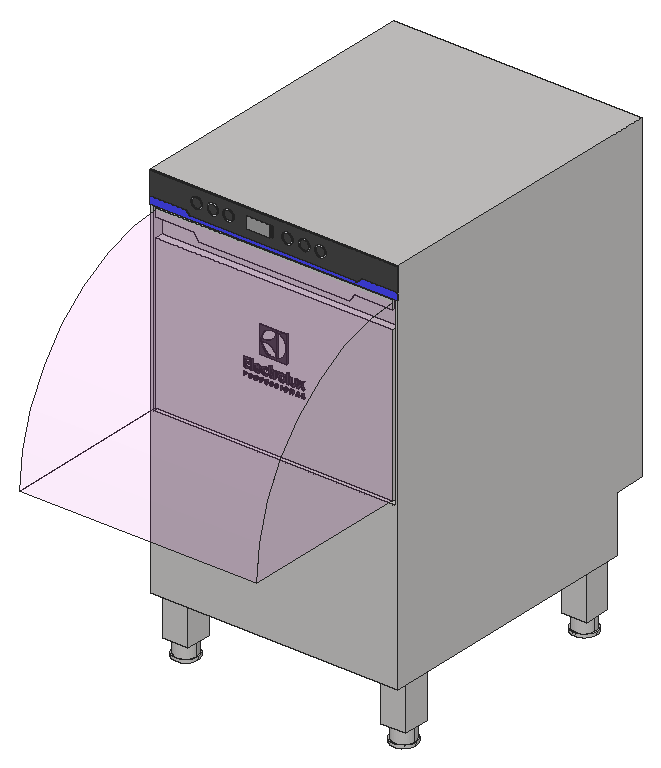
Revit family "QF_ELECTROLUXPROFESSIONAL_402319_ESICGBMS", category Attrezzature speciali, Revit 2020
Family settings
  Quota connettore circolare = Usa diametro
  Tipo di parte = Normale
  Basato su piano di lavoro = No
  Sempre verticale = Sì
  Taglio con vuoti quando caricato = No
  Condiviso = No
  Punto di calcolo locali = No
Parameters (values of type "Standard")
  Weight = 37.00 kg
  Watts = 3300 W
  Volts = 220 V
  URL Manufacturer = "https://www.electroluxprofessional.com/"
  URL = "https://www.electroluxprofessional.com/"
  Steam Supply Size = 0 mm
  Steam Supply Minimum Pressure = 0.0 Pa
  Steam Supply Maximum Pressure = 0.0 Pa
  Steam Consumption per Hour = 0
  Show Logo [instance] = yes
  Show Clearance [instance] = yes
  Refrigeration Suction Line Size = 0 mm
  Refrigeration Liquid Line Size = 0 mm
  Refrigerant Compressor Remote = yes
  Prospetto di default = 0 mm
  Produttore = "Electrolux Professional"
  Phase = 1
  Modello = "ESICGBMS"
  Length Actual = 460 mm  # constant formula
  Item Number = "402319"
  Hot Water Size = 0 mm
  Height Actual = 820 mm  # constant formula
  HP = "4.4 HP"
  Gas Size = 0 mm
  Gas KW = 0
  Gas Input Pressure = 0 W
  Direct Waste Size = 27 mm
  Descrizione = "GW(S)+MULTIRA.SUPP.-COLD R-RINSE BOOSTER PUMP-DR.PUMP-DET.DISP-AUS"
  Depth Actual = 565 mm  # constant formula
  Cycle = 50 Hz
  Condensate Return Size = 0 mm
  Compressed Air Volume = 0.0 L/s
  Compressed Air Size = 0 mm
  Compressed Air Pressure = 0.0 Pa
  Cold Water Size = 19.05 mm
  Accessory = yes
Reference planes
  plane 1: z = 0
  plane 2 "Center (Left/Right)": x = 0
  plane 3 "LEFT": x = -230
  plane 4: x = 230
  plane 5: y = -282.5
  plane 6 "BACK": y = 282.5
  plane 7: x = -202.5
  plane 8: x = 202.5
  plane 9: z = 820
  plane 10: z = 115
Forms (mm)
  Extrusion 1, solid, material "QF_Finishes_Stainless Steel"
    sketch origin (0, 0, 0) x (1, 0, 0) y (0, 1, 0)
      loop
        line (-230, -282.5) -> (230, -282.5) -> (230, 224.967) -> (-230, 224.967) -> (-230, -282.5)
    from 115 to 820
  Extrusion 2, solid, material "QF_Finishes_Stainless Steel"
    sketch origin (0, 0, 0) x (1, 0, 0) y (0, 1, 0)
      loop
        line (-230, 224.967) -> (230, 224.967) -> (230, 282.5) -> (-230, 282.5) -> (-230, 224.967)
    from 220.672 to 820
  Extrusion 3, void
    sketch origin (-230, -282.5, 0) x (-1, 0, 0) y (0, 0, 1)
      loop
        line (-5, 763.217) -> (-455, 763.217) -> (-455, 420) -> (-5, 420) -> (-5, 763.217)
    from 0 to 30
  Extrusion 4, solid, material "QF_Finishes_Stainless Steel"
    sketch origin (-230, -282.5, 0) x (0, 1, 0) y (0, 0, -1)
      loop
        line (0, -425.786) -> (0, -710) -> (15, -710) -> (15, -760) -> (25, -760) -> (25, -425.786) -> (0, -425.786)
    from -10 to -450
  Extrusion 5, solid, material "QF_Finishes_Stainless Steel"
    sketch origin (-230, -282.5, 0) x (0, 1, 0) y (0, 0, -1)
      loop
        line (15, -760) -> (15, -757.514) -> (2.5, -757.514) -> (2.5, -731.25) -> (0, -731.25) -> (0, -760) -> (15, -760)
    from -10 to -450
  Extrusion 6, void
    sketch origin (-230, -282.5, 760) x (0, 0, 1) y (1, 0, 0)
      loop
        line (-28.75, 89.161) -> (-28.75, 10) -> (-15.552, 10) -> (-15.552, 79.92) -> (-28.75, 89.161)
      loop
        line (-28.75, 370.839) -> (-15.552, 380.08) -> (-15.552, 450) -> (-28.75, 450) -> (-28.75, 370.839)
    from 0 to 2.5
  Revolve 7, solid, material "QF_Finishes_Door Clearance", visible <- "Show Clearance"
    sketch origin (0, -266.25, 0) x (-1, 0, 0) y (0, 0, 1)
      loop
        line (-220, 425.786) -> (220, 425.786) -> (220, 757.514) -> (-220, 757.514) -> (-220, 425.786)
      axis (-220, 425.786) -> (220, 425.786)
    angle from 0 to 90
  Extrusion 8, solid, material "QF_Finishes_Stainless Steel"
    sketch origin (282.404, 226.967, 332.714) x (1, 0, 0) y (0, 0, 1)
      loop
        line (-392.404, -132.714) -> (-392.404, -152.714) -> (-372.404, -152.714) -> (-372.404, -132.714) -> (-392.404, -132.714)
    from 0 to 2
  Extrusion 9, solid, material "QF_Finishes_Stainless Steel"
    sketch origin (532.814, 229.967, 300.692) x (1, 0, 0) y (0, 0, 1)
      loop
        circle (-372.814, -140.692) r 8
    from 0 to 5
  Extrusion 10, solid, material "QF_Finishes_Stainless Steel"
    sketch origin (200.404, 226.967, 267.714) x (1, 0, 0) y (0, 0, 1)
      loop
        line (-392.404, -132.714) -> (-392.404, -152.714) -> (-372.404, -152.714) -> (-372.404, -132.714) -> (-392.404, -132.714)
    from 0 to 2
  Extrusion 11, solid, material "QF_Finishes_Stainless Steel"
    sketch origin (452.814, 229.967, 330.692) x (1, 0, 0) y (0, 0, 1)
      loop
        circle (-372.814, -140.692) r 8
    from 0 to 5
Cuts and joins
  Extrusion 3 cuts Extrusion 1
  joined: Extrusion 1, Extrusion 2
  Extrusion 6 cuts Extrusion 4
  Extrusion 6 cuts Extrusion 5
Dimensions and locks
  equal spacing: plane 3 "LEFT", plane 2 "Center (Left/Right)", plane 4
  plane 6 "BACK" to plane 5 = 565 mm  (x3)
  plane 3 "LEFT" to plane 4 = 460 mm
  plane 3 "LEFT" to plane 7 = 27.5 mm
  plane 8 to plane 4 = 27.5 mm
  plane 10 to level = 115 mm
  plane 9 to level = 820 mm  (x3)
  plane 7 to plane 8 = 405 mm
  plane 8 to plane 7 = 405 mm
  plane 9 to plane 10 = 705 mm
  plane 4 to plane 3 "LEFT" = 460 mm
  nested 1 to plane 5 = 47 mm
  plane 6 "BACK" to Revolve 7 = 880.478 mm
  aligned and locked: level to plane 1
  aligned and locked: Extrusion 1 sketch curve to plane 5
  aligned and locked: Extrusion 1 sketch curve to plane 3 "LEFT"
  aligned and locked: plane 4 to Extrusion 1 sketch curve
  aligned and locked: Extrusion 1 to plane 10
  aligned and locked: Extrusion 2 sketch curve to Extrusion 1  (x2)
  aligned and locked: plane 6 "BACK" to Extrusion 2 sketch curve
  aligned and locked: plane 4 to Extrusion 2 sketch curve
  aligned and locked: cut or joined group of Extrusion 5, Extrusion 6 to Extrusion 6
  aligned and locked: plane 9 to Extrusion 2
Automatic sketch dimensions
  Extrusion 1 sketch curve to plane 6 "BACK" = 57.533 mm
  Extrusion 3 sketch curve to Extrusion 1 = 5 mm  (x2)
  Extrusion 3 sketch curve to Extrusion 1 = 305 mm
  Extrusion 3 sketch curve to Extrusion 1 = 56.783 mm
  Extrusion 4 sketch curve to plane 5 = 0 mm
  plane 5 to Extrusion 4 sketch curve = 15 mm
  Extrusion 4 sketch curve to Extrusion 4 sketch curve = 25 mm
  Extrusion 4 sketch curve to plane 9 = 60 mm
  Extrusion 4 sketch curve to Extrusion 4 sketch curve = 50 mm
  Extrusion 4 sketch curve to Extrusion 4 sketch curve = 284.214 mm
  Extrusion 5 sketch curve to plane 5 = 0 mm
  Extrusion 5 sketch curve to Extrusion 5 sketch curve = 2.5 mm
  Extrusion 5 sketch curve to Extrusion 5 sketch curve = 12.5 mm
  Extrusion 5 sketch curve to plane 9 = 60 mm
  Extrusion 5 sketch curve to Extrusion 5 sketch curve = 2.486 mm
  Extrusion 5 sketch curve to Extrusion 5 sketch curve = 26.264 mm
  Extrusion 6 sketch curve to Extrusion 5 = 0 mm  (x3)
  Extrusion 5 to Extrusion 6 sketch curve = 0 mm
  Extrusion 6 sketch curve to Extrusion 5 = 13.198 mm  (x2)
  Extrusion 6 sketch curve to Extrusion 5 = 69.92 mm
  Extrusion 6 sketch curve to Extrusion 6 sketch curve = 9.241 mm  (x2)
  Extrusion 6 sketch curve to Extrusion 6 sketch curve = 79.161 mm
  Revolve 7 sketch curve to plane 4 = 10 mm
  plane 3 "LEFT" to Revolve 7 sketch curve = 10 mm
  plane 10 to Revolve 7 sketch curve = 310.786 mm
  Revolve 7 sketch curve to plane 9 = 62.486 mm
  Revolve 7 sketch curve to Revolve 7 sketch curve = 0 mm  (x2)
  Revolve 7 sketch curve to plane 3 "LEFT" = 115 mm
  plane 7 to Extrusion 8 sketch curve = 92.5 mm
  Extrusion 8 sketch curve to Extrusion 8 sketch curve = 20 mm  (x2)
  plane 10 to Extrusion 8 sketch curve = 65 mm
  Extrusion 10 sketch curve to plane 10 = 0 mm
  plane 7 to Extrusion 10 sketch curve = 10.5 mm
  Extrusion 10 sketch curve to Extrusion 10 sketch curve = 20 mm
  plane 10 to Extrusion 10 sketch curve = 20 mm
  level to Extrusion 9 sketch curve = 160 mm
  Extrusion 9 sketch curve to plane 8 = 42.5 mm
  plane 3 "LEFT" to Extrusion 11 sketch curve = 310 mm
  level to Extrusion 11 sketch curve = 190 mm
  radius of Extrusion 9 sketch curve = 8 mm
  radius of Extrusion 11 sketch curve = 8 mm
Nested families
  nested 1: "Piedino_Square_115H" at (202.5, -235.5, 0), type "Piedino_Square_115H"
  nested 2: "Piedino_Square_115H" at (-202.5, -235.5, 0) x (-1, 0, 0) z (0, 0, 1), type "Piedino_Square_115H"
  nested 3: "Piedino_Square_115H" at (202.5, 184.5, 0), type "Piedino_Square_115H"
  nested 4: "Piedino_Square_115H" at (-202.5, 184.5, 0) x (-1, 0, 0) z (0, 0, 1), type "Piedino_Square_115H"
  nested 5: "ELX_LOGO_WORDS_MEDIUM" at (0, -282.5, 555) x (1, 0, 0) z (0, -1, 0), Show Logo <- "Show Logo", visible <- "Show Logo", type "ELX_LOGO_WORDS_MEDIUM"
    with Show Logo yes
  nested 6: "ELXP_LOGO_ONLY_MEDIUM" at (0, -282.5, 610) x (1, 0, 0) z (0, -1, 0), Show Logo <- "Show Logo", visible <- "Show Logo", type "ELXP_LOGO_ONLY_MEDIUM"
    with Show Logo yes
  nested 7: "Schermo grande_FLAT" at (0, -282.5, 790) x (1, 0, 0) z (0, -1, 0), type "Schermo grande_FLAT"
Connectors
  electrical at (-100, 226.967, 190)
    settings: on Extrusion 8, index 5, voltage 0 V, apparent load 0 VA, apparent load phase1 0 VA, apparent load phase2 0 VA, apparent load phase3 0 VA, power factor 1, load classification "Altro", number of poles 1, system type 30, power factor state 1, is connector primary yes, connector utility no, sub classification motor no, connector description "EI"
  piping at (160, 229.967, 160), diameter 12.7
    settings: on Extrusion 9, index 6, connector inside diameter 609.6 mm, connector length 0 mm, flow factor 0, pipe flow 0.0 L/s, pressure drop 0.0 Pa, fitting loss kfactor 0, connector angle 0.00°, fixture units 0, engagement length 0 mm, angle of deflection 0.00°, flow configuration 0, flow direction 0, fitting loss method 0, system type 29, joint type 0, gender type 0, connector reference index -1, connector utility 0, adjustable connector no, is connector primary yes, connector description "D"
  electrical at (-182, 226.967, 125)
    settings: on Extrusion 10, index 7, voltage 0 V, apparent load 0 VA, apparent load phase1 0 VA, apparent load phase2 0 VA, apparent load phase3 0 VA, power factor 1, load classification "Altro", number of poles 1, system type 30, power factor state 1, is connector primary no, connector utility no, sub classification motor no, connector description "EO"
  piping at (80, 229.967, 190), diameter 12.7
    settings: on Extrusion 11, index 8, connector inside diameter 609.6 mm, connector length 0 mm, flow factor 0, pipe flow 0.0 L/s, pressure drop 0.0 Pa, fitting loss kfactor 0, connector angle 0.00°, fixture units 0, engagement length 0 mm, angle of deflection 0.00°, flow configuration 0, flow direction 0, fitting loss method 0, system type 29, joint type 0, gender type 0, connector reference index -1, connector utility 0, adjustable connector no, is connector primary no, connector description "CWI"
Definition of nested family "Piedino_Square_115H"
  Parameters (values of type "Piedino_Square_115H")
    Default Elevation = 0 mm
  Reference planes
    plane 1 "Centro (Fronte/Retro)": y = 0
    plane 2: z = 0
    plane 3 "Centro (Sinistra/Destra)": x = 0
    plane 4: z = 115
  Forms (mm)
    Extrusion 1, solid
      sketch origin (0, 0, 0) x (1, 0, 0) y (0, 1, 0)
        loop
          circle (0, 0) r 23
      from 0 to 5
    Extrusion 2, solid
      sketch origin (0, 0, 5) x (1, 0, 0) y (0, 1, 0)
        loop
          circle (0, 0) r 20
      from 0 to 25.777
    Extrusion 3, solid
      sketch origin (0, 0, 30.777) x (1, 0, 0) y (0, 1, 0)
        loop
          line (-23.5, 23.5) -> (-23.5, -23.5) -> (23.5, -23.5) -> (23.5, 23.5) -> (-23.5, 23.5)
      from 0 to 84.223
  Dimensions and locks
    plane 4 to level = 115 mm  (x2)
    radius of Extrusion 1 sketch curve = 23 mm
    aligned and locked: level to plane 2
    aligned and locked: Extrusion 1 to level
Definition of nested family "ELX_LOGO_WORDS_MEDIUM"
  Parameters (values of type "ELX_LOGO_WORDS_MEDIUM")
    Show Logo [instance] = yes
    Default Elevation = 0 mm
  Reference planes
    plane 1 "Centro (Fronte/Retro)": y = 0
    plane 2: z = 0
    plane 3 "Centro (Sinistra/Destra)": x = 0
  Forms (mm)
    Extrusion 1, solid
      sketch origin (0, 0, 0) x (1, 0, 0) y (0, 1, 0)
        loop
          line (-1219.2, 1219.2) -> (-1219.2, -1219.2) -> (1219.2, -1219.2) -> (1219.2, 1219.2) -> (-1219.2, 1219.2)
      from 0 to -304.8
    Extrusion 2, solid, visible <- "Show Logo"
      sketch origin (0, 0, 0) x (1, 0, 0) y (0, 1, 0)
        loop
          line (-45.351, 15.842) -> (-56.505, 15.842) -> (-56.505, 2.853)
          arc (-56.505, 2.853) -> (-55.037, -0.691) -> (-51.493, -2.159) r 5.012
          line (-51.493, -2.159) -> (-45.135, -2.159) -> (-45.135, 0.755) -> (-50.767, 0.755)
          arc (-50.767, 0.755) -> (-52.618, 1.38) -> (-53.406, 3.168) r 2.423
          line (-53.406, 3.168) -> (-53.406, 5.743) -> (-45.833, 5.743) -> (-45.833, 8.668) -> (-53.406, 8.668) -> (-53.406, 12.925) -> (-45.351, 12.925) -> (-45.351, 15.842)
        loop
          line (-42.933, 15.842) -> (-42.933, -2.159) -> (-39.832, -2.159) -> (-39.832, 15.842) -> (-42.933, 15.842)
        loop
          line (24.405, 15.842) -> (24.405, -2.159) -> (27.508, -2.159) -> (27.508, 15.842) -> (24.405, 15.842)
        loop
          line (-34.705, 3.589) -> (-24.531, 3.589)
          arc (-24.531, 3.589) -> (-26.123, 9.178) -> (-31.565, 11.217) r 6.447
          arc (-31.565, 11.217) -> (-36.358, 8.786) -> (-37.726, 3.589) r 6.56
          arc (-37.726, 3.589) -> (-35.926, -0.757) -> (-31.58, -2.557) r 6.146
          arc (-31.58, -2.557) -> (-28.198, -2.058) -> (-25.362, -0.149) r 7.726
          line (-25.362, -0.149) -> (-27.199, 1.688)
          arc (-27.199, 1.688) -> (-29.61, 0.242) -> (-32.411, 0.485) r 4.558
          arc (-32.411, 0.485) -> (-34.119, 1.622) -> (-34.705, 3.589) r 3.019
        loop
          line (-34.628, 5.769) -> (-27.646, 5.769)
          arc (-27.646, 5.769) -> (-28.626, 7.83) -> (-30.779, 8.59) r 2.974
          arc (-30.779, 8.59) -> (-33.263, 7.943) -> (-34.628, 5.769) r 3.481
        loop
          line (-12.445, 7.067) -> (-10.499, 9.013)
          arc (-10.499, 9.013) -> (-12.94, 10.78) -> (-15.907, 11.309) r 6.746
          arc (-15.907, 11.309) -> (-20.432, 9.655) -> (-22.806, 5.463) r 6.977
          arc (-22.806, 5.463) -> (-18.803, -1.885) -> (-10.608, -0.191) r 7.026
          line (-10.608, -0.191) -> (-12.544, 1.745)
          arc (-12.544, 1.745) -> (-16.723, 0.362) -> (-19.717, 3.589) r 4.071
          arc (-19.717, 3.589) -> (-19.509, 6.14) -> (-17.752, 8.002) r 3.867
          arc (-17.752, 8.002) -> (-14.941, 8.431) -> (-12.445, 7.067) r 4.442
        loop
          line (-8.594, 15.842) -> (-8.594, 3.541)
          arc (-8.594, 3.541) -> (-8.326, 1.695) -> (-7.635, -0.038) r 7.951
          arc (-7.635, -0.038) -> (-5.422, -1.797) -> (-2.62, -2.167) r 5.297
          line (-2.62, -2.167) -> (-2.62, 0.738)
          arc (-2.62, 0.738) -> (-3.453, 0.802) -> (-4.23, 1.109) r 2.792
          arc (-4.23, 1.109) -> (-5.227, 2.163) -> (-5.494, 3.589) r 2.57
          line (-5.494, 3.589) -> (-5.494, 8.043) -> (-2.678, 8.043) -> (-2.678, 10.86) -> (-5.494, 10.86) -> (-5.494, 15.842) -> (-8.594, 15.842)
        loop
          arc (3.006, 4.684) -> (3.228, 5.982) -> (3.868, 7.133) r 3.911
          arc (3.868, 7.133) -> (5.725, 8.086) -> (7.812, 8.043) r 4.26
          line (7.812, 8.043) -> (7.812, 11.023)
          arc (7.812, 11.023) -> (5.085, 10.766) -> (3.006, 8.983) r 4.524
          line (3.006, 8.983) -> (3.006, 10.86) -> (-0.069, 10.86) -> (-0.069, -2.159) -> (3.006, -2.159) -> (3.006, 4.684)
        loop
          circle (15.393, 4.348) r 6.899
        loop
          circle (15.393, 4.348) r 4.181
        loop
          arc (38.69, 3.262) -> (37.924, 1.158) -> (35.848, 0.319) r 2.752
          arc (35.848, 0.319) -> (33.771, 1.158) -> (33.005, 3.262) r 2.752
          line (33.005, 3.262) -> (33.005, 10.859) -> (29.879, 10.859) -> (29.879, 3.004)
          arc (29.879, 3.004) -> (31.658, -1.052) -> (35.848, -2.489) r 5.512
          arc (35.848, -2.489) -> (40.084, -1.008) -> (41.815, 3.132) r 5.512
          line (41.815, 3.132) -> (41.815, 10.859) -> (38.69, 10.859) -> (38.69, 3.262)
        loop
          line (43.689, 10.859) -> (48.192, 4.746) -> (43.245, -2.164) -> (46.578, -2.164) -> (49.861, 2.422) -> (53.193, -2.164) -> (56.505, -2.164) -> (51.629, 4.817) -> (56.087, 10.859) -> (52.703, 10.859) -> (49.851, 6.995) -> (47.043, 10.859) -> (43.689, 10.859)
        loop
          line (-53.813, -9.621) -> (-56.285, -9.621) -> (-56.285, -15.847) -> (-54.932, -15.847) -> (-54.932, -13.703) -> (-53.437, -13.703)
          arc (-53.437, -13.703) -> (-51.764, -11.49) -> (-53.813, -9.621) r 2.058
        loop
          arc (-53.496, -12.48) -> (-52.984, -11.679) -> (-53.496, -10.879) r 0.881
          line (-53.496, -10.879) -> (-54.932, -10.879) -> (-54.932, -12.48) -> (-53.496, -12.48)
        loop
          line (-44.045, -9.621) -> (-46.56, -9.621) -> (-46.56, -15.847) -> (-45.207, -15.847) -> (-45.207, -13.703) -> (-43.898, -13.703) -> (-43.003, -15.847) -> (-41.55, -15.847) -> (-42.774, -13.222)
          arc (-42.774, -13.222) -> (-42.188, -12.521) -> (-41.991, -11.628) r 1.922
          arc (-41.991, -11.628) -> (-42.609, -10.206) -> (-44.045, -9.621) r 2.055
        loop
          line (-45.207, -10.879) -> (-45.207, -12.48) -> (-43.771, -12.48)
          arc (-43.771, -12.48) -> (-43.258, -11.679) -> (-43.771, -10.879) r 0.881
          line (-43.771, -10.879) -> (-45.207, -10.879)
        loop
          circle (-33.602, -12.734) r 3.233
        loop
          circle (-33.602, -12.734) r 2.052
        loop
          line (-25.054, -9.622) -> (-25.054, -15.847) -> (-23.734, -15.847) -> (-23.734, -13.671) -> (-21.392, -13.671) -> (-21.392, -12.276) -> (-23.734, -12.276) -> (-23.734, -10.963) -> (-21.167, -10.963) -> (-21.167, -9.622) -> (-25.054, -9.622)
        loop
          line (-15.917, -9.622) -> (-15.917, -13.825)
          arc (-15.917, -13.825) -> (-15.343, -15.249) -> (-13.926, -15.842) r 1.991
          line (-13.926, -15.842) -> (-11.917, -15.842) -> (-11.917, -14.666) -> (-13.806, -14.666)
          arc (-13.806, -14.666) -> (-14.501, -14.091) -> (-14.638, -13.198) r 1.267
          line (-14.638, -13.198) -> (-12.15, -13.198) -> (-12.15, -12.023) -> (-14.638, -12.023) -> (-14.638, -10.797) -> (-11.977, -10.797) -> (-11.977, -9.622) -> (-15.917, -9.622)
        loop
          arc (6.626, -10.41) -> (5.801, -9.733) -> (4.757, -9.518) r 2.228
          arc (4.757, -9.518) -> (3.792, -9.755) -> (2.999, -10.352) r 2.468
          arc (2.999, -10.352) -> (2.853, -11.766) -> (3.765, -12.856) r 1.825
          arc (3.765, -12.856) -> (4.531, -13.112) -> (5.259, -13.464) r 6.301
          arc (5.259, -13.464) -> (5.719, -14.005) -> (5.402, -14.641) r 0.645
          arc (5.402, -14.641) -> (4.814, -14.78) -> (4.228, -14.631) r 1.269
          arc (4.228, -14.631) -> (3.722, -14.266) -> (3.412, -13.725) r 1.474
          line (3.412, -13.725) -> (2.324, -14.233)
          arc (2.324, -14.233) -> (2.716, -14.99) -> (3.348, -15.561) r 2.393
          arc (3.348, -15.561) -> (4.065, -15.867) -> (4.841, -15.945) r 2.579
          arc (4.841, -15.945) -> (5.8, -15.754) -> (6.664, -15.295) r 3.369
          arc (6.664, -15.295) -> (7.045, -14.28) -> (6.848, -13.214) r 2.023
          arc (6.848, -13.214) -> (6.423, -12.723) -> (5.879, -12.368) r 2.346
          arc (5.879, -12.368) -> (5.19, -12.061) -> (4.485, -11.796) r 12.353
          arc (4.485, -11.796) -> (4.077, -11.162) -> (4.666, -10.692) r 0.562
          arc (4.666, -10.692) -> (5.372, -10.862) -> (5.915, -11.344) r 1.497
          line (5.915, -11.344) -> (6.626, -10.41)
        loop
          line (12.337, -9.622) -> (12.337, -15.842) -> (13.616, -15.842) -> (13.616, -9.622) -> (12.337, -9.622)
        loop
          circle (22.24, -12.732) r 1.935
        loop
          circle (22.24, -12.732) r 3.231
        loop
          line (30.821, -15.842) -> (32.114, -15.842) -> (32.114, -11.931) -> (34.96, -15.842) -> (36.203, -15.842) -> (36.203, -9.622) -> (34.911, -9.622) -> (34.911, -13.651) -> (32.065, -9.622) -> (30.821, -9.622) -> (30.821, -15.842)
        loop
          line (42.652, -15.842) -> (43.258, -14.5) -> (45.559, -14.5) -> (46.165, -15.842) -> (47.54, -15.842) -> (44.912, -9.622) -> (43.712, -9.622) -> (41.279, -15.842) -> (42.652, -15.842)
        loop
          line (44.985, -13.224) -> (44.369, -11.857) -> (43.77, -13.224) -> (44.985, -13.224)
        loop
          line (53.893, -14.666) -> (53.893, -9.622) -> (52.614, -9.622) -> (52.614, -15.842) -> (56.285, -15.842) -> (56.285, -14.666) -> (53.893, -14.666)
        loop
          arc (-2.701, -10.41) -> (-3.525, -9.733) -> (-4.57, -9.518) r 2.228
          arc (-4.57, -9.518) -> (-5.534, -9.755) -> (-6.327, -10.352) r 2.468
          arc (-6.327, -10.352) -> (-6.473, -11.766) -> (-5.562, -12.856) r 1.825
          arc (-5.562, -12.856) -> (-4.795, -13.112) -> (-4.067, -13.464) r 6.301
          arc (-4.067, -13.464) -> (-3.608, -14.005) -> (-3.924, -14.641) r 0.645
          arc (-3.924, -14.641) -> (-4.512, -14.78) -> (-5.098, -14.631) r 1.269
          arc (-5.098, -14.631) -> (-5.604, -14.266) -> (-5.914, -13.725) r 1.474
          line (-5.914, -13.725) -> (-7.002, -14.233)
          arc (-7.002, -14.233) -> (-6.61, -14.99) -> (-5.978, -15.561) r 2.393
          arc (-5.978, -15.561) -> (-5.261, -15.867) -> (-4.485, -15.945) r 2.579
          arc (-4.485, -15.945) -> (-3.526, -15.754) -> (-2.663, -15.295) r 3.369
          arc (-2.663, -15.295) -> (-2.281, -14.28) -> (-2.478, -13.214) r 2.023
          arc (-2.478, -13.214) -> (-2.903, -12.723) -> (-3.448, -12.368) r 2.346
          arc (-3.448, -12.368) -> (-4.136, -12.061) -> (-4.842, -11.796) r 12.353
          arc (-4.842, -11.796) -> (-5.249, -11.162) -> (-4.66, -10.692) r 0.562
          arc (-4.66, -10.692) -> (-3.954, -10.862) -> (-3.412, -11.344) r 1.497
          line (-3.412, -11.344) -> (-2.701, -10.41)
      from 0 to 1.644
  Dimensions and locks
    aligned and locked: plane 2 to Extrusion 1
    aligned and locked: level to Extrusion 1
Definition of nested family "ELXP_LOGO_ONLY_MEDIUM"
  Parameters (values of type "ELXP_LOGO_ONLY_MEDIUM")
    Show Logo [instance] = yes
    Default Elevation = 0 mm
  Reference planes
    plane 1 "Centro (Fronte/Retro)": y = 0
    plane 2: z = 0
    plane 3 "Centro (Sinistra/Destra)": x = 0
  Forms (mm)
    Extrusion 1, solid
      sketch origin (0, 0, 0) x (1, 0, 0) y (0, 1, 0)
        loop
          line (-1219.2, 1219.2) -> (-1219.2, -1219.2) -> (1219.2, -1219.2) -> (1219.2, 1219.2) -> (-1219.2, 1219.2)
      from 0 to -304.8
    Extrusion 2, solid, visible <- "Show Logo"
      sketch origin (15.862, -72.798, 0) x (1, 0, 0) y (0, 1, 0)
        loop
          line (-40.901, 47.952) -> (9.138, 47.952) -> (9.138, 97.923) -> (-40.901, 97.923) -> (-40.901, 47.952)
        loop
          line (-9.2, 95.47) -> (-9.2, 50.507)
          arc (-9.2, 50.507) -> (7.421, 72.988) -> (-9.2, 95.47) r 23.515
        loop
          line (-11.486, 92.214) -> (-11.486, 95.47)
          arc (-11.486, 95.47) -> (-30.185, 91.22) -> (-39.194, 74.292) r 23.044
          line (-39.194, 74.292) -> (-31.756, 74.292)
          arc (-31.756, 74.292) -> (-18.467, 79.686) -> (-11.486, 92.214) r 21.599
        loop
          arc (-39.194, 71.685) -> (-30.2, 54.618) -> (-11.486, 49.93) r 23.647
          line (-11.486, 49.93) -> (-11.486, 53.763)
          arc (-11.486, 53.763) -> (-18.467, 66.291) -> (-31.756, 71.685) r 21.599
          line (-31.756, 71.685) -> (-39.194, 71.685)
      from 0 to 1.644
  Dimensions and locks
    aligned and locked: plane 2 to Extrusion 1
    aligned and locked: level to Extrusion 1
Definition of nested family "Schermo grande_FLAT"
  Parameters (values of type "Schermo grande_FLAT")
    Default Elevation = 1219.2 mm
  Reference planes
    plane 1 "Centro (Fronte/Retro)": y = 0
    plane 2: z = 0
    plane 3 "Centro (Sinistra/Destra)": x = 0
  Forms (mm)
    Extrusion 1, solid
      sketch origin (0, 0, 0) x (1, 0, 0) y (0, 1, 0)
        loop
          line (-1219.2, 1219.2) -> (-1219.2, -1219.2) -> (1219.2, -1219.2) -> (1219.2, 1219.2) -> (-1219.2, 1219.2)
      from 0 to -304.8
    Extrusion 2, solid
      sketch origin (0, 0, 0) x (1, 0, 0) y (0, 1, 0)
        loop
          line (-230, -13.451) -> (-230, -26.701) -> (230, -26.701) -> (230, -13.451) -> (163.75, -13.451) -> (155.858, -21.343) -> (-155.858, -21.343) -> (-163.75, -13.451) -> (-230, -13.451)
      from 0 to 1
    Extrusion 3, solid
      sketch origin (0, 0, 0) x (1, 0, 0) y (0, 1, 0)
        loop
          line (-230, -13.451) -> (-163.75, -13.451) -> (-155.858, -21.343) -> (155.858, -21.343) -> (163.75, -13.451) -> (230, -13.451) -> (230, 30.299) -> (-230, 30.299) -> (-230, -13.451)
      from 0 to 1
    Extrusion 4, solid
      sketch origin (-10, 5, 0) x (1, 0, 0) y (0, 1, 0)
        loop
          circle (-133.748, 0) r 10
        loop
          circle (-133.748, 0) r 9.055
      from 0 to 1.2
    Extrusion 5, solid
      sketch origin (20, 5, 0) x (1, 0, 0) y (0, 1, 0)
        loop
          circle (-133.748, 0) r 10
        loop
          circle (-133.748, 0) r 9.055
      from 0 to 1.2
    Extrusion 6, solid
      sketch origin (49.375, 5, 0) x (1, 0, 0) y (0, 1, 0)
        loop
          circle (-133.748, 0) r 10
        loop
          circle (-133.748, 0) r 9.055
      from 0 to 1.2
    Extrusion 7, solid
      sketch origin (-47.5, 5, 0) x (-1, 0, 0) y (0, -1, 0)
        loop
          circle (-133.748, 0) r 10
        loop
          circle (-133.748, 0) r 9.055
      from 0 to 1.2
    Extrusion 8, solid
      sketch origin (-77.5, 5, 0) x (-1, 0, 0) y (0, -1, 0)
        loop
          circle (-133.748, 0) r 10
        loop
          circle (-133.748, 0) r 9.055
      from 0 to 1.2
    Extrusion 9, solid
      sketch origin (-108.75, 5, 0) x (-1, 0, 0) y (0, -1, 0)
        loop
          circle (-133.748, 0) r 10
        loop
          circle (-133.748, 0) r 9.055
      from 0 to 1.2
    Extrusion 10, solid
      sketch origin (0, 0, 0) x (1, 0, 0) y (0, 1, 0)
        loop
          line (-3.673, 15.294) -> (-3.673, 7.294) -> (-1.673, 7.294) -> (-1.673, 15.294) -> (-3.673, 15.294)
        loop
          line (-3.673, 5.294) -> (-3.673, -2.706) -> (-1.673, -2.706) -> (-1.673, 5.294) -> (-3.673, 5.294)
      from 0 to 1.2
    Extrusion 11, solid
      sketch origin (0, 0, 0) x (1, 0, 0) y (0, 1, 0)
        loop
          line (-51.219, 16.665) -> (-51.219, -5.266) -> (-7.988, -5.266) -> (-7.988, 16.665) -> (-51.219, 16.665)
      from 0 to 1.2
  Dimensions and locks
    aligned and locked: plane 2 to Extrusion 1
    aligned and locked: level to Extrusion 1
